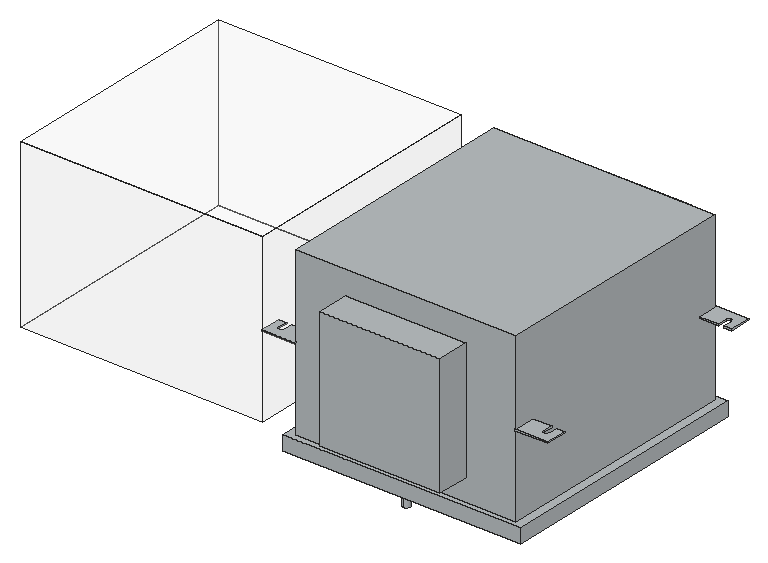
Revit family "9_天吊埋込タイプ 厨房用(角ダクト) 3相200V-60", category 機械設備, Revit 2019
Family settings
  丸型コネクタ寸法 = 直径を使用
  パーツ タイプ = 割り込み
  OmniClass 番号 = 23.75.35.17.24
  OmniClass タイトル = Axial Fans
  作業面ベース = いいえ
  常に垂直 = はい
  ロード時にボイドで切り取り = いいえ
  共有 = いいえ
  部屋計算ポイント = はい
Parameters (values of type "BFS-300TX1")
  騒音レベル(dB(A))_吸込 = 70
  騒音レベル(dB(A))_吐出 = 73
  騒音レベル(dB(A))_側面 = 50.5
  騒音レベル(dB(A)) = 70
  風量 [instance] = 設計風量  # 0.0 m³/h
  電源種別 [instance] = "一般"
  電圧 = 200 V
  電動機出力 = 1500 W
  電動機_種別 [instance] = ""
  運転質量 = 0.00 kg
  連動 [instance] = ""
  質量 = if(製品質量 > 運転質量, 製品質量, 運転質量) * 1.2  # 46.80 kg
  負荷分類 = 3_ファン類
  説明 = "ストレートシロッコファン厨房用"
  設計風量 [instance] = 0.0 m³/h
  設置方法 = "天吊"
  記号 [instance] = ""
  製造元 = "三菱電機株式会社"
  製品質量 = 39.00 kg
  製品出荷対象 = "国内"
  製品リリース年月 = "2006年12月1日"
  製品グループ = ""
  系統 [instance] = ""
  符号 [instance] = if(☑給気／□排気, "FS", "FE")  # "FE"
  積算_科目 = "2 換気設備"
  積算_拾い区分 [instance] = ""
  相 = 3
  盤記号 [instance] = ""
  盤工事区分 = "電気工事"
  発停方法 [instance] = "別売スイッチ"
  番手 = "#2"
  特殊仕様 [instance] = ""
  火災停止 [instance] = ""
  消費電力 = 1240 W
  法定耐用年数 = "15"
  機外静圧 [instance] = 0.0 Pa
  極数 = 3
  極 = 4
  材質 [instance] = ""
  本体マテリアル = SUS304
  操作・制御方式 = ""
  操作・制御スイッチ = ""
  排気量 [instance] = if(☑給気／□排気, 0.0 m³/h, 設計風量)  # 0.0 m³/h
  形式 = ""
  形名 = BFS-TX : BFS-300TX1
  幹線記号 [instance] = ""
  対象室 [instance] = ""
  実風量 = 0.0 m³/h
  始動方式 [instance] = "直入"
  外気量 [instance] = if(☑給気／□排気, 設計風量, 0.0 m³/h)  # 0.0 m³/h
  呼称 = "消音ボックス付送風機"
  周波数 = 60 Hz
  天吊金具ピッチ幅 = 655 mm
  天吊金具ピッチ奥行 = 562 mm
  参照している仕様書等のバージョン = ""
  分類コード = "50052502100020"
  分類グループ = ""
  価格 = 336000
  企業コード = "108420"
  付属品_防振装置 = ""
  付属品 [instance] = ""
  仕様書バージョン = "Version1.0"
  モデル = "BFS-300TX1"
  ファンの種類 = "多翼形"
  ドレン管径 = 18 mm
  ダクト高 = 298 mm
  ダクト幅 = 298 mm
  サービススペース = yes
  コメント [instance] = ""
  Keynote = ""
  ☑給気／□排気 [instance] = no
  Width = 546 mm
  Version = ""
  Uniclass2015Version = "Systems v1.9"
  Uniclass2015Title = "Centrifugal fans"
  Uniclass2015Code = "Pr_65_67_29_12"
  URL = "https://www.mitsubishielectric.co.jp/ldg/wink/ssl/displayProduct.do?pid=153352"
  SpecificationReference = ""
  SpecificationDescription = ""
  Revision = ""
  ProductInformation = ""
  OmniClassCode = "23-33 31 19 13 15"
  MIN風量 = 0.0 m³/h
  MIN静圧 = 0.0 Pa
  MID風量 = 0.0 m³/h
  MID静圧 = 0.0 Pa
  MAX風量 = 3000.0 m³/h
  MAX静圧 = 460.0 Pa
  M = 80 mm
  IfcTypeProduct = ""
  IfcProduct = ""
  IfcExportType = "CENTRIFUGALFORWARDCURVED"
  IfcExportAs = "IfcFanType"
  Height = 411 mm
  Front-d = 80 mm
  Depth = 614 mm
  Clearance Top = 0 mm  # constant formula
  Clearance Right = 0 mm  # constant formula
  Clearance Left = 600 mm
  Clearance Front = 0 mm
  Clearance Bottom = 0 mm  # constant formula
  Clearance Back = 0 mm
  Author = "三菱電機株式会社"
Types (5, lengths in mm): name | 騒音レベル(dB(A))_吸込 | 騒音レベル(dB(A))_吐出 | 騒音レベル(dB(A))_側面 | 騒音レベル(dB(A)) | 電動機出力 | 質量 | 製品質量 | 製品リリース年月 | 番手 | 消費電力 | 本体マテリアル | 形名 | 天吊金具ピッチ幅 | 天吊金具ピッチ奥行 | 価格 | モデル | ダクト高 | ダクト幅 | Width | URL | MAX風量 | MAX静圧 | Height | Front-d | Depth | Clearance Front | Clearance Back
  BFS-300TX1 | 70 | 73 | 50.5 | 70 | 1500 W | 46.80 kg | 39.00 kg | "2006年12月1日" | "#2" | 1240 W | SUS304 | BFS-TX : BFS-300TX1 | 655 | 562 | 336000 | "BFS-300TX1" | 298 | 298 | 546 | "https://www.mitsubishielectric.co.jp/ldg/wink/ssl/displayProduct.do?pid=153352" | 3000.0 m³/h | 460.0 Pa | 411 | 80 | 614 | 0 | 0
  BFS-450TX | 65 | 72 | 48 | 65 | 2200 W | 92.40 kg | 77.00 kg | "2006年12月1日" | "#1 1/2×2" | 1350 W | 溶融亜鉛めっき鋼板 | BFS-TX : BFS-450TX | 922 | 685 | 542000 | "BFS-450TX" | 248 | 698 | 819 | "https://www.mitsubishielectric.co.jp/ldg/wink/ssl/displayProduct.do?pid=153353" | 4500.0 m³/h | 380.0 Pa | 415 | 81.5 | 728 | 600 | 600
  BFS-550TX1 | 70 | 75 | 50.5 | 70 | 3000 W | 100.80 kg | 84.00 kg | "2006年12月1日" | "#2×2" | 2080 W | 溶融亜鉛めっき鋼板 | BFS-TX : BFS-550TX1 | 1015 | 728 | 604000 | "BFS-550TX1" | 298 | 748 | 912 | "https://www.mitsubishielectric.co.jp/ldg/wink/ssl/displayProduct.do?pid=153354" | 5500.0 m³/h | 460.0 Pa | 455 | 81.5 | 771 | 600 | 600
  BFS-800TX | 70 | 71 | 49.5 | 70 | 3500 W | 145.20 kg | 121.00 kg | "2016年6月1日" | "#2×3" | 3350 W | 溶融亜鉛めっき鋼板 | BFS-TX : BFS-800TX | 1018 | 1630 | 1440000 | "BFS-800TX" | 298 | 798 | 952 | "https://www.mitsubishielectric.co.jp/ldg/wink/ssl/displayProduct.do?pid=266998" | 8000.0 m³/h | 450.0 Pa | 461.4 | 18 | 1690 | 18 | 18
  BFS-1000TX | 70.5 | 71.5 | 50 | 70.5 | 4400 W | 182.40 kg | 152.00 kg | "2016年6月1日" | "#2×4" | 4450 W | 溶融亜鉛めっき鋼板 | BFS-TX : BFS-1000TX | 1138 | 1850 | 1700000 | "BFS-1000TX" | 298 | 898 | 1072 | "https://www.mitsubishielectric.co.jp/ldg/wink/ssl/displayProduct.do?pid=266997" | 10000.0 m³/h | 455.0 Pa | 461.4 | 18 | 1910 | 18 | 18
Reference planes
  plane 1 "中心(正面/背面)": y = 0
  plane 2: z = 0
  plane 3 "中心(左/右)": x = -128
  plane 4 "左": x = -401
  plane 5 "右": x = 145
  plane 6 "背面": y = 307
  plane 7 "正面": y = -307
  plane 8: z = 205.5
  plane 9: y = 281
  plane 10: y = -281
  plane 11: x = 199.5
  plane 12: x = -455.5
  plane 13: z = -205.5
  plane 14: z = 205.5
  plane 15: z = -205.5
  plane 16: y = 307
  plane 17: y = -307
  plane 18: x = 145
  plane 19: x = -1081
  plane 20: x = -481
Dimensions and locks
  "Width": plane 4 "左" to plane 5 "右"
  equal spacing: plane 7 "正面", plane 1 "中心(正面/背面)", plane 6 "背面"
  "Depth": plane 7 "正面" to plane 6 "背面"
  equal spacing: plane 8, level, plane 13
  "Height": plane 8 to plane 13
  equal spacing: plane 10, plane 1 "中心(正面/背面)", plane 9
  "天吊金具ピッチ奥行": plane 10 to plane 9
  "天吊金具ピッチ幅": plane 12 to plane 11
  equal spacing: plane 4 "左", plane 3 "中心(左/右)", plane 5 "右"
  equal spacing: plane 12, plane 3 "中心(左/右)", plane 11
  "Clearance Top": plane 14 to plane 8
  "Clearance Bottom": plane 13 to plane 15
  "Clearance Back": plane 6 "背面" to plane 16
  "Clearance Right": plane 5 "右" to plane 18
  "Clearance Front": plane 17 to plane 7 "正面"
  "Front-d": plane 20 to plane 4 "左"
  "Clearance Left": plane 19 to plane 20
  aligned and locked: level to plane 2
  aligned and locked: nested 1 to plane 9
  aligned and locked: plane 10 to nested 1
  aligned and locked: plane 12 to nested 1
  aligned and locked: plane 11 to nested 1
  aligned and locked: plane 8 to nested 2
  aligned and locked: plane 19 to nested 3
  aligned and locked: plane 17 to nested 3
  aligned and locked: plane 14 to nested 3
  aligned and locked: plane 15 to nested 3
  aligned and locked: plane 16 to nested 3
  aligned and locked: plane 20 to nested 3
  aligned and locked: plane 1 "中心(正面/背面)" to nested 2
  aligned and locked: nested 2 to plane 3 "中心(左/右)"
Nested families
  nested 1: "固定点" at (-455.5, -281, 0), type "固定点"
    with W 655 mm, D 562 mm, 中心円 14 mm
  nested 2: "BFS-TX" at (-128, 0, -205.5) x (0, -1, 0) z (0, 0, 1), type <- "形名", type "BFS-300TX1"
  nested 3: "サービススペース" at (-781, 0, 0), type "サービススペース"
    with Width 600 mm, Height 411 mm, Depth 614 mm
Connectors
  hvac at (-128, -387, -1.5), driven by "ダクト高", driven by "ダクト幅", driven by "機外静圧", driven by "風量"
    settings: on nested 2, index 1, duct flow 0.0 m³/h, flow factor 0, pres drop 0.0 Pa, loss coef 0, conn angle 0.00°, conn width 298 mm, conn height 298 mm, conn diameter 609.6 mm, duct sys type 29, conn prof type 1, flow config 0, flow direction 2, loss method 4, conn ref index -1, conn util no, is conn primary yes, conn desc "Out"
  hvac at (-128, 387, -1.5), driven by "ダクト高", driven by "ダクト幅", driven by "機外静圧", driven by "風量"
    settings: on nested 2, index 2, duct flow 0.0 m³/h, flow factor 0, pres drop 0.0 Pa, loss coef 0, conn angle 0.00°, conn width 298 mm, conn height 298 mm, conn diameter 609.6 mm, duct sys type 29, conn prof type 1, flow config 0, flow direction 1, loss method 4, conn ref index -1, conn util no, is conn primary no, conn desc "In"
  electrical at (-441, -8.5, 68.4), driven by "極数", driven by "負荷分類", driven by "電圧", driven by "消費電力"
    settings: on nested 2, index 3, voltage 200 V, apparent load 1240 VA, apparent load phase1 0 VA, apparent load phase2 0 VA, apparent load phase3 0 VA, power factor 1, load classification "3_ファン類", number of poles 3, system type 30, power factor state 1, is connector primary yes, connector utility no, sub classification motor no, connector description ""
  piping at (-128, -305, -265.5), diameter 18, driven by "ドレン管径"
    settings: on nested 2, index 4, connector inside diameter 609.6 mm, connector length 0 mm, flow factor 0, pipe flow 0.0 L/s, pressure drop 0.0 Pa, fitting loss kfactor 0, connector angle 0.00°, fixture units 0, engagement length 0 mm, angle of deflection 0.00°, flow configuration 0, flow direction 0, fitting loss method 0, system type 19, joint type 0, gender type 0, connector reference index -1, connector utility 0, adjustable connector no, is connector primary yes, connector description ""
  piping at (-406.5, 0, -265.5), diameter 18, driven by "ドレン管径"
    settings: on nested 2, index 5, connector inside diameter 609.6 mm, connector length 0 mm, flow factor 0, pipe flow 0.0 L/s, pressure drop 0.0 Pa, fitting loss kfactor 0, connector angle 0.00°, fixture units 0, engagement length 0 mm, angle of deflection 0.00°, flow configuration 1, flow direction 2, fitting loss method 4, system type 16, joint type 0, gender type 0, connector reference index -1, connector utility 0, adjustable connector no, is connector primary no, connector description ""
Definition of nested family "BFS-TX"
  Parameters (values of type "BFS-300TX1")
    端子カバー高 = 150 mm  # constant formula
    端子カバー手前位置 = 100 mm
    端子カバー幅 = 40 mm  # constant formula
    端子カバー奥行 = 397 mm  # constant formula
    端子カバー上位置 = 62.1 mm  # constant formula
    吊りボルト2 = no
    吊りボルト1-高さ = 204 mm
    吊りボルト1 = yes
    吊りボルト-φ = 13.5 mm
    吊りボルト-W2 = 52 mm
    吊りボルト-W1 = 562 mm
    吊りボルト-D2 = 706 mm
    吊りボルト-D1 = 655 mm
    中心高さ = 207 mm
    マテリアル = none
    ドレン位置2 = 15 mm
    ドレン位置1 = 15 mm
    ドレイン2 = yes
    ドレイン1 = no
    カバーW = 400 mm
    カバーH = 411 mm
    カバー = no
    ダクトD = 298 mm
    ダクトW = 298 mm
    w1 = 640 mm
    d2 = 293.5 mm
    d1 = 587 mm
    b = 400 mm
    a = 80 mm
    W = 614 mm
    H3 = 35 mm
    H2 = 25 mm
    H = 411 mm
    c = 80 mm
    D = 546 mm
  Types (5, lengths in mm): name | 端子カバー手前位置 | 吊りボルト2 | 吊りボルト1-高さ | 吊りボルト1 | 吊りボルト-φ | 吊りボルト-W2 | 吊りボルト-W1 | 吊りボルト-D2 | 吊りボルト-D1 | 中心高さ | ドレン位置2 | ドレン位置1 | ドレイン2 | ドレイン1 | カバーW | カバーH | カバー | ダクトD | ダクトW | w1 | d2 | d1 | b | W | H3 | H | c | D
    BFS-300TX1 | 100 | no | 204 | yes | 13.5 | 52 | 562 | 706 | 655 | 207 | 15 | 15 | yes | no | 400 | 411 | no | 298 | 298 | 640 | 293.5 | 587 | 400 | 614 | 35 | 411 | 80 | 546
    BFS-450TX | 80 | yes | 214 | no | 14 | 50 | 685 | 982 | 922 | 161 | 15 | 15 | no | yes | 568 | 391 | no | 248 | 698 | 581 | 429 | 858 | 568 | 728 | 45 | 415 | 80 | 819
    BFS-550TX1 | 80 | yes | 214 | no | 14 | 50 | 728 | 1075 | 1015 | 172 | 25 | 15 | no | yes | 624 | 432 | no | 298 | 748 | 624 | 474 | 948 | 624 | 771 | 45 | 455 | 73.5 | 912
    BFS-800TX | 295.8 | no | 0 | yes | 13.5 | 52 | 1630 | 1112 | 1018 | 206 | 20 | 20 | no | yes | 300 | 200 | yes | 298 | 798 | 1726 | 494 | 440 | 624 | 1690 | 40.6 | 461.4 | 300 | 952
    BFS-1000TX | 621 | no | 0 | yes | 13.5 | 52 | 1850 | 1232 | 1138 | 206 | 19.8 | 19.8 | no | yes | 300 | 200 | yes | 298 | 898 | 1946 | 554 | 440 | 624 | 1910 | 40.6 | 461.4 | 600 | 1072
  Reference planes
    plane 1 "中心(正面/背面)": y = 0
    plane 2: z = 0
    plane 3 "中心(左/右)": x = 0
    plane 4: y = 273
    plane 5: y = 327.5
    plane 6: y = 353
    plane 7: y = -273
    plane 8: y = -327.5
    plane 9: y = -353
    plane 10: x = -307
    plane 11: x = -281
    plane 12: x = -310
    plane 13: x = 307
    plane 14: x = 281
    plane 15: x = 310
    plane 16: z = 411
    plane 17: z = 421
    plane 18: x = -193
    plane 19: x = 207
    plane 20: x = 387
    plane 21: x = -387
    plane 22: z = 207
    plane 23: z = 204
    plane 24: z = 166
    plane 25: x = -258
    plane 26: z = 189
    plane 27: x = 258
    plane 28: y = 276
    plane 29: x = 377
    plane 30: x = 317
    plane 31: x = -317
    plane 32: x = -377
    plane 33: x = -190
    plane 34: z = 348.9
    plane 35: z = 198.9
    plane 36: y = -313
    plane 37: y = 293.5
    plane 38: y = -293.5
    plane 39: x = -320
    plane 40: x = 320
    plane 41: z = -20
    plane 42: z = -25
    plane 43: z = -50
    plane 44: y = -278.5
    plane 45: z = -5
    plane 46: z = -35
    plane 47: z = -60
    plane 48: x = 305
    plane 49: z = 204
    plane 50: z = 353
    plane 51: z = 55
    plane 52: y = 112.5
    plane 53: y = 149
    plane 54: y = -149
  Forms (mm)
    Extrusion 1, solid, material <- "マテリアル", detail levels fine
      sketch origin (0, 0, 0) x (1, 0, 0) y (0, 1, 0)
        loop
          line (-307, 273) -> (-307, -273) -> (307, -273) -> (307, 273) -> (-307, 273)
      from 0 to 411
    Extrusion 2, solid, material <- "マテリアル", visible <- "吊りボルト1", detail levels fine
      sketch origin (0, 0, 0) x (1, 0, 0) y (0, 1, 0)
        loop
          line (-310, -273) -> (-310, -353) -> (-258, -353) -> (-258, -334.25) -> (-281, -334.25)
          arc (-281, -334.25) -> (-287.75, -327.5) -> (-281, -320.75) r 6.75
          line (-281, -320.75) -> (-258, -320.75) -> (-258, -273) -> (-310, -273)
      from 204 to 207
    Extrusion 3, solid, material <- "マテリアル", visible <- "吊りボルト1", detail levels fine
      sketch origin (0, 0, 0) x (1, 0, 0) y (0, 1, 0)
        loop
          line (-310, 273) -> (-258, 273) -> (-258, 320.75) -> (-281, 320.75)
          arc (-281, 320.75) -> (-287.75, 327.5) -> (-281, 334.25) r 6.75
          line (-281, 334.25) -> (-258, 334.25) -> (-258, 353) -> (-310, 353) -> (-310, 273)
      from 204 to 207
    Extrusion 4, solid, material <- "マテリアル", visible <- "吊りボルト1", detail levels fine
      sketch origin (0, 0, 0) x (-1, 0, 0) y (0, -1, 0)
        loop
          line (-310, -273) -> (-310, -353) -> (-258, -353) -> (-258, -334.25) -> (-281, -334.25)
          arc (-281, -334.25) -> (-287.75, -327.5) -> (-281, -320.75) r 6.75
          line (-281, -320.75) -> (-258, -320.75) -> (-258, -273) -> (-310, -273)
      from 204 to 207
    Extrusion 5, solid, material <- "マテリアル", visible <- "吊りボルト1", detail levels fine
      sketch origin (0, 0, 0) x (-1, 0, 0) y (0, -1, 0)
        loop
          line (-310, 273) -> (-258, 273) -> (-258, 320.75) -> (-281, 320.75)
          arc (-281, 320.75) -> (-287.75, 327.5) -> (-281, 334.25) r 6.75
          line (-281, 334.25) -> (-258, 334.25) -> (-258, 353) -> (-310, 353) -> (-310, 273)
      from 204 to 207
    Extrusion 6, solid, material <- "マテリアル", detail levels fine
      sketch origin (0, 0, 0) x (1, 0, 0) y (0, 0, 1)
        loop
          line (207, 348.9) -> (-190, 348.9) -> (-190, 198.9) -> (207, 198.9) -> (207, 348.9)
      from 273 to 313
    Extrusion 7, solid, material <- "マテリアル", detail levels fine
      sketch origin (0, 0, 0) x (1, 0, 0) y (0, 0, 1)
        loop
          line (-320, 0) -> (-320, -35) -> (320, -35) -> (320, 0) -> (-320, 0)
      from -293.5 to 293.5
    Extrusion 8, solid, material <- "マテリアル", detail levels fine
      sketch origin (0, 0, 0) x (1, 0, 0) y (0, 1, 0)
        loop
          line (387, -149) -> (387, 149) -> (307, 149) -> (307, -149) -> (387, -149)
        loop
          line (-387, -149) -> (-307, -149) -> (-307, 149) -> (-387, 149) -> (-387, -149)
      from 55 to 353
    Extrusion 9, solid, material <- "マテリアル", visible <- "吊りボルト2", detail levels fine
      sketch origin (0, 0, 0) x (1, 0, 0) y (0, 1, 0)
        loop
          line (320, 353) -> (310, 353) -> (310, 334.25) -> (281, 334.25)
          arc (281, 334.25) -> (274.25, 327.5) -> (281, 320.75) r 6.75
          line (281, 320.75) -> (310, 320.75) -> (310, -320.75) -> (281, -320.75)
          arc (281, -320.75) -> (274.25, -327.5) -> (281, -334.25) r 6.75
          line (281, -334.25) -> (310, -334.25) -> (310, -353) -> (320, -353) -> (320, 353)
        loop
          line (-320, 353) -> (-320, -353) -> (-310, -353) -> (-310, -334.25) -> (-281, -334.25)
          arc (-281, -334.25) -> (-274.25, -327.5) -> (-281, -320.75) r 6.75
          line (-281, -320.75) -> (-310, -320.75) -> (-310, 320.75) -> (-281, 320.75)
          arc (-281, 320.75) -> (-274.25, 327.5) -> (-281, 334.25) r 6.75
          line (-281, 334.25) -> (-310, 334.25) -> (-310, 353) -> (-320, 353)
      from -5 to 0
    Extrusion 10, solid, material <- "マテリアル", visible <- "ドレイン1", detail levels fine
      sketch origin (0, 0, 0) x (1, 0, 0) y (0, 1, 0)
        loop
          circle (0, -278.5) r 9
      from -60 to -35
    Extrusion 11, solid, material <- "マテリアル", visible <- "ドレイン2", detail levels fine
      sketch origin (0, 0, 0) x (1, 0, 0) y (0, 1, 0)
        loop
          circle (305, 0) r 9
      from -60 to -35
  Dimensions and locks
    plane 12 to plane 15 = 620 mm
    "吊りボルト-W1": plane 11 to plane 14
    "W": plane 10 to plane 13
    "吊りボルト-D2": plane 9 to plane 6
    "吊りボルト-D1": plane 8 to plane 5
    "D": plane 7 to plane 4
    equal spacing: plane 7, plane 1 "中心(正面/背面)", plane 4
    equal spacing: plane 10, plane 3 "中心(左/右)", plane 13
    "H": plane 16 to level
    locked: plane 13 to plane 15 at 3
    locked: plane 12 to plane 10 at 3
    locked: plane 22 to plane 23 at 3
    locked: plane 22 to plane 24 at 41
    "吊りボルト-W2": plane 12 to plane 25
    locked: plane 23 to plane 26 at 15
    "吊りボルト-W2": plane 27 to plane 15
    locked: plane 28 to plane 4 at 3
    "a": plane 21 to plane 10
    "a": plane 13 to plane 20
    locked: plane 21 to plane 32 at 10
    locked: plane 31 to plane 10 at 10
    locked: plane 13 to plane 30 at 10
    locked: plane 29 to plane 20 at 10
    "端子カバー手前位置": plane 13 to plane 19
    "b": plane 19 to plane 18
    "端子カバー奥行": plane 19 to plane 33
    "端子カバー高": plane 34 to plane 35
    "端子カバー幅": plane 36 to plane 7
    "d1": plane 38 to plane 37
    "w1": plane 39 to plane 40
    equal spacing: plane 39, plane 3 "中心(左/右)", plane 40
    locked: level to plane 41 at 20
    "H2": level to plane 42
    locked: plane 42 to plane 43 at 25
    plane 38 to plane 37 = 587 mm
    "ドレン位置1": plane 38 to plane 44
    equal spacing: plane 11, plane 3 "中心(左/右)", plane 14
    equal spacing: plane 9, plane 1 "中心(正面/背面)", plane 6
    equal spacing: plane 8, plane 1 "中心(正面/背面)", plane 5
    locked: plane 17 to plane 16 at 10
    "d2": plane 38 to plane 1 "中心(正面/背面)"
    locked: level to plane 45 at 5
    locked: plane 46 to plane 47 at 25
    "ドレン位置2": plane 48 to plane 40
    equal spacing: plane 50, plane 49, plane 51
    "ダクトD": plane 50 to plane 51
    equal spacing: plane 54, plane 1 "中心(正面/背面)", plane 53
    "ダクトW": plane 54 to plane 53
    "H3": level to plane 46
    "端子カバー上位置": plane 16 to plane 34
    "中心高さ": plane 16 to plane 49
    "吊りボルト1-高さ": plane 16 to plane 22
    "吊りボルト-φ": diameter of Extrusion 9 sketch curve  (x4)
    "吊りボルト-φ": diameter of Extrusion 2 sketch curve
    "吊りボルト-φ": diameter of Extrusion 3 sketch curve
    "吊りボルト-φ": diameter of Extrusion 4 sketch curve
    "吊りボルト-φ": diameter of Extrusion 5 sketch curve
    radius of Extrusion 10 sketch curve = 9 mm
    radius of Extrusion 11 sketch curve = 9 mm
    aligned and locked: level to plane 2
    aligned and locked: plane 4 to Extrusion 1 sketch curve
    aligned and locked: plane 10 to Extrusion 1 sketch curve
    aligned and locked: Extrusion 1 sketch curve to plane 7
    aligned and locked: Extrusion 1 sketch curve to plane 13
    aligned and locked: plane 16 to Extrusion 1
    aligned and locked: plane 7 to Extrusion 2 sketch curve
    aligned and locked: plane 12 to Extrusion 2 sketch curve
    aligned and locked: Extrusion 2 sketch curve to plane 9
    aligned and locked: Extrusion 2 sketch curve to plane 25  (x2)
    aligned and locked: plane 11 to Extrusion 2 sketch curve
    aligned and locked: plane 8 to Extrusion 2 sketch curve
    aligned and locked: plane 22 to Extrusion 2
    aligned and locked: Extrusion 2 to plane 23
    aligned and locked: plane 25 to Extrusion 3 sketch curve  (x2)
    aligned and locked: plane 5 to Extrusion 3 sketch curve
    aligned and locked: plane 11 to Extrusion 3 sketch curve
    aligned and locked: Extrusion 3 sketch curve to plane 6
    aligned and locked: Extrusion 3 sketch curve to plane 12
    aligned and locked: plane 4 to Extrusion 3 sketch curve
    aligned and locked: plane 22 to Extrusion 3
    aligned and locked: Extrusion 3 to plane 23
    aligned and locked: Extrusion 4 to plane 6
    aligned and locked: plane 15 to Extrusion 4
    aligned and locked: Extrusion 4 to plane 27
    aligned and locked: plane 27 to Extrusion 4 sketch curve  (x2)
    aligned and locked: plane 6 to Extrusion 4 sketch curve
    aligned and locked: Extrusion 4 sketch curve to plane 15
    aligned and locked: plane 5 to Extrusion 4 sketch curve
    aligned and locked: plane 14 to Extrusion 4 sketch curve
    aligned and locked: Extrusion 4 sketch curve to plane 4
    aligned and locked: Extrusion 4 to plane 23
    aligned and locked: plane 22 to Extrusion 4
    aligned and locked: plane 9 to Extrusion 5 sketch curve
    aligned and locked: plane 15 to Extrusion 5 sketch curve
    aligned and locked: Extrusion 5 sketch curve to plane 7
    aligned and locked: Extrusion 5 sketch curve to plane 27  (x2)
    aligned and locked: plane 14 to Extrusion 5 sketch curve
    aligned and locked: plane 8 to Extrusion 5 sketch curve
    aligned and locked: Extrusion 5 to plane 23
    aligned and locked: plane 22 to Extrusion 5
    aligned and locked: plane 34 to Extrusion 6 sketch curve
    aligned and locked: plane 19 to Extrusion 6 sketch curve
    aligned and locked: Extrusion 6 sketch curve to plane 35
    aligned and locked: Extrusion 6 sketch curve to plane 33
    aligned and locked: Extrusion 6 to plane 7
    aligned and locked: Extrusion 7 sketch curve to level
    aligned and locked: Extrusion 7 sketch curve to plane 39
    aligned and locked: Extrusion 7 sketch curve to plane 40
    aligned and locked: plane 20 to Extrusion 8 sketch curve
    aligned and locked: plane 54 to Extrusion 8 sketch curve
    aligned and locked: plane 21 to Extrusion 8 sketch curve
    aligned and locked: Extrusion 8 sketch curve to plane 54
    aligned and locked: plane 10 to Extrusion 8
    aligned and locked: Extrusion 8 to plane 13
    aligned and locked: plane 50 to Extrusion 8
    aligned and locked: Extrusion 8 to plane 51
    aligned and locked: Extrusion 8 sketch curve to plane 53
    aligned and locked: plane 53 to Extrusion 8 sketch curve
    aligned and locked: Extrusion 9 sketch curve to plane 40
    aligned and locked: Extrusion 9 sketch curve to plane 39
    aligned and locked: Extrusion 9 sketch curve to plane 15  (x3)
    aligned and locked: Extrusion 9 sketch curve to plane 12  (x3)
    aligned and locked: Extrusion 9 sketch curve to plane 9  (x2)
    aligned and locked: Extrusion 9 sketch curve to plane 6  (x2)
    aligned and locked: plane 5 to Extrusion 9 sketch curve  (x2)
    aligned and locked: plane 11 to Extrusion 9 sketch curve  (x2)
    aligned and locked: plane 14 to Extrusion 9 sketch curve  (x2)
    aligned and locked: plane 8 to Extrusion 9 sketch curve  (x2)
    aligned and locked: level to Extrusion 9
    aligned and locked: Extrusion 9 to plane 45
    aligned and locked: plane 44 to Extrusion 10 sketch curve
    aligned and locked: plane 3 "中心(左/右)" to Extrusion 10 sketch curve
    aligned and locked: plane 1 "中心(正面/背面)" to Extrusion 11 sketch curve
    aligned and locked: plane 48 to Extrusion 11 sketch curve
    aligned and locked: Extrusion 11 to plane 47
    aligned and locked: Extrusion 10 to plane 47
    aligned and locked: plane 36 to Extrusion 6
    aligned and locked: Extrusion 7 to plane 46
    aligned and locked: level to Extrusion 7
    aligned and locked: plane 46 to Extrusion 10
    aligned and locked: plane 46 to Extrusion 11
    aligned and locked: plane 38 to Extrusion 7
    aligned and locked: Extrusion 7 to plane 37
  Automatic sketch dimensions
    Extrusion 8 sketch curve to plane 10 = 0 mm
    Extrusion 8 sketch curve to plane 13 = 0 mm
    Extrusion 7 sketch curve to plane 46 = 0 mm
    Extrusion 2 sketch curve to plane 11 = 0 mm
    Extrusion 3 sketch curve to plane 11 = 0 mm
    Extrusion 4 sketch curve to plane 14 = 0 mm
    Extrusion 5 sketch curve to plane 14 = 0 mm
Definition of nested family "サービススペース"
  Parameters (values of type "サービススペース")
    Width [instance] = 500 mm
    Height [instance] = 500 mm
    Depth [instance] = 500 mm
  Reference planes
    plane 1 "中心(正面/背面)": y = 0
    plane 2: z = 0
    plane 3 "中心(左/右)": x = 0
    plane 4: y = -250
    plane 5: x = 250
    plane 6: y = 250
    plane 7: x = -250
    plane 8: z = 250
    plane 9: z = -250
  Forms (mm)
    Extrusion 1, solid
      sketch origin (-638.939, 0, 72.39) x (1, 0, 0) y (0, 1, 0)
        loop
          line (388.939, 250) -> (388.939, -250) -> (888.939, -250) -> (888.939, 250) -> (388.939, 250)
      from -322.39 to 177.61
  Lines and regions (mm)
    symbolic lines
      curve 1: line (-250, 0, 250) -> (250, 0, 250)
      curve 2: line (-250, 0, -250) -> (-250, 0, 250)
      curve 3: line (250, 0, -250) -> (-250, 0, -250)
      curve 4: line (250, 0, 250) -> (250, 0, -250)
      curve 5: line (0, -250, 250) -> (0, 250, 250)
      curve 6: line (0, -250, -250) -> (0, -250, 250)
      curve 7: line (0, 250, -250) -> (0, -250, -250)
      curve 8: line (0, 250, 250) -> (0, 250, -250)
      curve 9: line (-250, 250, 0) -> (250, 250, 0)
      curve 10: line (-250, -250, 0) -> (-250, 250, 0)
      curve 11: line (250, -250, 0) -> (-250, -250, 0)
      curve 12: line (250, 250, 0) -> (250, -250, 0)
  Dimensions and locks
    equal spacing: plane 7, plane 3 "中心(左/右)", plane 5
    equal spacing: plane 4, plane 1 "中心(正面/背面)", plane 6
    "Depth": plane 4 to plane 6
    "Width": plane 7 to plane 5
    equal spacing: plane 8, plane 2, plane 9
    "Height": plane 8 to plane 9
    aligned and locked: plane 9 to curve 3
    aligned and locked: plane 7 to curve 2
    aligned and locked: curve 4 to plane 5
    aligned and locked: plane 5 to Extrusion 1
    aligned and locked: Extrusion 1 to plane 7
    aligned and locked: Extrusion 1 to plane 9
    aligned and locked: plane 8 to Extrusion 1
    aligned and locked: plane 9 to curve 7
  Automatic sketch dimensions
    plane 4 to Extrusion 1 sketch curve = 0 mm
    Extrusion 1 sketch curve to plane 7 = 0 mm
    Extrusion 1 sketch curve to plane 5 = 0 mm
    plane 6 to Extrusion 1 sketch curve = 0 mm
    curve 2 to plane 8 = 0 mm
    plane 4 to curve 11 = 0 mm
    curve 11 to plane 7 = 0 mm
    curve 11 to plane 5 = 0 mm
    plane 6 to curve 10 = 0 mm
    curve 7 to plane 4 = 0 mm
    curve 7 to plane 6 = 0 mm
    curve 6 to plane 8 = 0 mm
Definition of nested family "固定点"
  Parameters (values of type "固定点")
    中心円 = 11 mm
    W [instance] = 1000 mm
    D [instance] = 1000 mm
  Reference planes
    plane 1 "中心(正面/背面)": y = 0
    plane 2: z = 0
    plane 3 "中心(左/右)": x = 0
    plane 4: x = 1000
    plane 5: y = 1000
  Lines and regions (mm)
    symbolic lines, detail levels fine
      curve 1: circle (0, 1000, 0) r 5.5 normal (0, 0, 1)
      curve 2: circle (0, 0, 0) r 5.5 normal (0, 0, 1)
      curve 3: circle (1000, 1000, 0) r 5.5 normal (0, 0, 1)
      curve 4: circle (1000, 0, 0) r 5.5 normal (0, 0, 1)
      curve 5: line (-200, 1000, 0) -> (1200, 1000, 0)
      curve 6: line (-200, 0, 0) -> (1200, 0, 0)
      curve 7: line (0, 1200, 0) -> (0, -200, 0)
      curve 8: line (1000, 1200, 0) -> (1000, -200, 0)
  Dimensions and locks
    "W": plane 3 "中心(左/右)" to plane 4
    "D": plane 1 "中心(正面/背面)" to plane 5
    "中心円": diameter of curve 1
    "中心円": diameter of curve 2
    "中心円": diameter of curve 3
    "中心円": diameter of curve 4
    aligned and locked: level to plane 2
    aligned and locked: plane 5 to curve 1
    aligned and locked: plane 3 "中心(左/右)" to curve 1
    aligned and locked: plane 3 "中心(左/右)" to curve 2
    aligned and locked: plane 1 "中心(正面/背面)" to curve 2
    aligned and locked: plane 4 to curve 3
    aligned and locked: plane 5 to curve 3
    aligned and locked: plane 1 "中心(正面/背面)" to curve 4
    aligned and locked: plane 4 to curve 4
    aligned and locked: plane 1 "中心(正面/背面)" to curve 6
    aligned and locked: curve 7 to plane 3 "中心(左/右)"
    aligned and locked: curve 8 to plane 4
  Automatic sketch dimensions
    curve 5 to plane 5 = 0 mm
    curve 6 to plane 3 "中心(左/右)" = 200 mm
    curve 5 to plane 3 "中心(左/右)" = 200 mm
    curve 4 to curve 6 = 200 mm
    curve 3 to curve 5 = 200 mm
    plane 1 "中心(正面/背面)" to curve 8 = 200 mm
    plane 1 "中心(正面/背面)" to curve 7 = 200 mm
    curve 3 to curve 8 = 200 mm
    curve 1 to curve 7 = 200 mm
